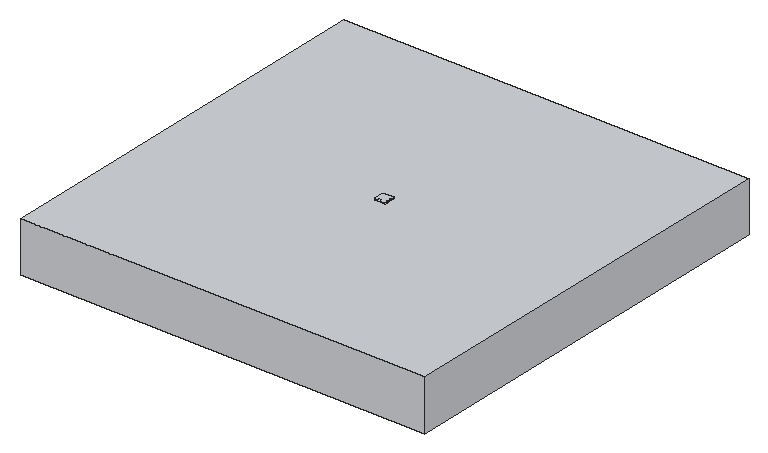
Revit family "Gira_540500rfa", category Allgemeines Modell, Revit 2017
Family settings
  Basisbauteil = Fläche
  Kann Basisbauteil für Bewehrung sein = Nein
  Bemaßung runder Anschluss = Durchmesser verwenden
  Teiletyp = Normal
  Beim Laden mit Abzugskörper schneiden = Nein
  Gemeinsam genutzt = Nein
  Raumberechnungspunkt = Nein
Parameters
  With memory function = no
  With glass breaking detector connection = no
  With brightness sensor connection = no
  With Astro program = no
  Default Elevation = 1219.2 mm
  URL = "https://www.gira.de/"
  Typname = "S3000 electr.swit.ins. Insert"
  Type of load = "Other"
  Type of fastening = "Mounting with claw and screw"
  Transparent = no
  Through loss at 860 MHz [B] = 0.1
  Through loss at 2150 MHz [B] = 0.1
  Switch-off protection = no
  Surface protection = "Other"
  Surface finishing = "Not applicable"
  Suitable for wind sensor = no
  Suitable for rain sensor = no
  Suitable for degree of protection (IP) = "IP20"
  Substation input = yes
  Shielded housing = no
  Shielded buses = yes
  Serial dimmer = no
  Separate strain relief = yes
  Random generator = no
  Productwebsite = "http://katalog.gira.de/en/datenblatt.html?artikelnr=540500"
  Nominal voltage [Volt] 3 = "[230:230]"
  Nominal voltage [Volt] 2 = "[230:230]"
  Nominal voltage [Volt] = 230
  Mounting method shielding connection = "Screw"
  Mounting method = "Flush mounted (plaster)"
  Model = "Other"
  Method of operation = "Turn/push button"
  Mechanical coding = no
  Max. switching power [Voltampere] = 1000
  Material quality = "Other"
  Material = "Other"
  Light value memory = no
  Integrated timer = no
  Hersteller = "Gira"
  Halogen free = no
  HAN = "540500"
  GTIN = "4010337048299"
  Frequency [Hz] = "[50:60]"
  Dimming phase cut-on = yes
  Dimming phase cut-off = yes
  Degree of protection (IP) = "IP20"
  Data sheet = "https://katalog.gira.de/en/download.html?artikelnr=540500"
  Connection type = "Screwed terminal"
  Colour = "Other"
  Category = "Other"
  Beschreibung = "S3000 electr.swit.ins. Ins.,System 3000 electronic switching insert,,,Features:,- Connecting auxiliary units is possible.,- Bulb-saving switch-on.,- Electronic short-circuit protection.,- Electronic excess-temperature protection.,- Operation with and without neutral conductor connection.,Operation with a neutral conductor:,- Switching of light bulbs, HV halogen lamps, electronic or inductive transformers with halogen or LED lamps, switchable or dimmable HV LED lamps or compact fluorescent lamps.,- Device is powered via the phase conductor and neutral conductor, therefore no leading edge or trailing edge phase control.,Operation without a neutral conductor:,- Switching of light bulbs, HV halogen lamps, electronic or inductive transformers with halogen or LED lamps, dimmable HV LED lamps or compact fluorescent lamps.,- Device is powered via the the phase conductor and therefore works according to the leading edge or trailing edge principle.,- Automatic or manual setting of dimming principle according to load (leading or trailing edge).,- Display of the selected operating mode using LED.,,Notes :,- For operation without a neutral conductor, the minimum load for light bulbs, HV halogen lamps, Gira Tronic transformers, and wound transformers increases to 50 W.,- If the ambient temperature is higher than 25 C, the connected load must be reduced."
  BIM = "https://media.stage.bim.site/public/gira/290f3eb/Einsatz_1fach.rfa"
  Assembly arrangement = "Basic element"
  Applicable with transmission button = no
  Applicable with time switch/timer = no
  Applicable with presence indicator = yes
  Applicable with movement sensor = yes
  Applicable with infrared button = no
  Applicable with button = yes
  App control via Bluetooth = no
Reference planes
  plane 1 "Center (Front/Back)": y = 0
  plane 2: z = 0
  plane 3 "Center (Left/Right)": x = 0
Forms (mm)
  Extrusion 1, solid
    sketch origin (0, 0, 0) x (1, 0, 0) y (0, 1, 0)
      loop
        line (-1219.2, 1219.2) -> (-1219.2, -1219.2) -> (1219.2, -1219.2) -> (1219.2, 1219.2) -> (-1219.2, 1219.2)
    from 0 to -304.8
  Extrusion 2, solid, detail levels fine
    sketch origin (0, 0, 0) x (1, 0, 0) y (0, 1, 0)
      loop
        line (27.475, 35.475) -> (-27.475, 35.475)
        arc (-27.475, 35.475) -> (-33.132, 33.132) -> (-35.475, 27.475) r 8
        line (-35.475, 27.475) -> (-35.475, -27.475)
        arc (-35.475, -27.475) -> (-33.132, -33.132) -> (-27.475, -35.475) r 8
        line (-27.475, -35.475) -> (27.475, -35.475)
        arc (27.475, -35.475) -> (33.132, -33.132) -> (35.475, -27.475) r 8
        line (35.475, -27.475) -> (35.475, 27.475)
        arc (35.475, 27.475) -> (33.132, 33.132) -> (27.475, 35.475) r 8
    from 0 to 1.8
  Extrusion 3, solid, detail levels fine
    sketch origin (0, 0, 0) x (1, 0, 0) y (0, 1, 0)
      loop
        line (9.678, 25.4) -> (-9.678, 25.4)
        arc (-9.678, 25.4) -> (-12.885, 24.922) -> (-15.814, 23.53) r 11
        arc (-15.814, 23.53) -> (-17.795, 22.07) -> (-19.641, 20.444) r 28.35
        arc (-19.641, 20.444) -> (-21.339, 18.665) -> (-22.876, 16.745) r 28.35
        arc (-22.876, 16.745) -> (-24.456, 13.666) -> (-25, 10.248) r 11
        line (-25, 10.248) -> (-25, -10.248)
        arc (-25, -10.248) -> (-24.456, -13.666) -> (-22.876, -16.745) r 11
        arc (-22.876, -16.745) -> (-20.409, -19.677) -> (-17.569, -22.25) r 28.35
        line (-17.569, -22.25) -> (17.569, -22.25)
        arc (17.569, -22.25) -> (20.409, -19.677) -> (22.876, -16.745) r 28.35
        arc (22.876, -16.745) -> (24.456, -13.666) -> (25, -10.248) r 11
        line (25, -10.248) -> (25, 10.248)
        arc (25, 10.248) -> (24.456, 13.666) -> (22.876, 16.745) r 11
        arc (22.876, 16.745) -> (21.593, 18.37) -> (20.195, 19.897) r 28.35
        arc (20.195, 19.897) -> (18.096, 21.823) -> (15.814, 23.53) r 28.35
        arc (15.814, 23.53) -> (12.885, 24.922) -> (9.678, 25.4) r 11
    from 0 to -22
  Extrusion 4, solid, detail levels medium
    sketch origin (0, 0, 0) x (1, 0, 0) y (0, 1, 0)
      loop
        line (-25, 25.4) -> (-25, -22.25) -> (25, -22.25) -> (25, 25.4) -> (-25, 25.4)
    from 0 to -22
  Extrusion 5, solid, detail levels coarse
    sketch origin (0, 0, 0) x (1, 0, 0) y (0, 1, 0)
      loop
        line (35.475, 35.475) -> (-35.475, 35.475) -> (-35.475, -35.475) -> (35.475, -35.475) -> (35.475, 35.475)
    from -22 to 1.8
  Extrusion 6, solid, detail levels medium
    sketch origin (0, 0, 0) x (1, 0, 0) y (0, 1, 0)
      loop
        line (35.475, 35.475) -> (-35.475, 35.475) -> (-35.475, -35.475) -> (35.475, -35.475) -> (35.475, 35.475)
    from 0 to 1.8
Dimensions and locks
  aligned and locked: plane 2 to Extrusion 1
  aligned and locked: level to Extrusion 1
Connectors
  electrical at (0, 0, -22)
    settings: on Extrusion 5, index 1, voltage 220 V, apparent load 0 VA, apparent load phase1 0 VA, apparent load phase2 0 VA, apparent load phase3 0 VA, power factor 1, load classification "Other", number of poles 1, system type 30, power factor state 1, is connector primary yes, connector utility no, sub classification motor no, connector description ""
